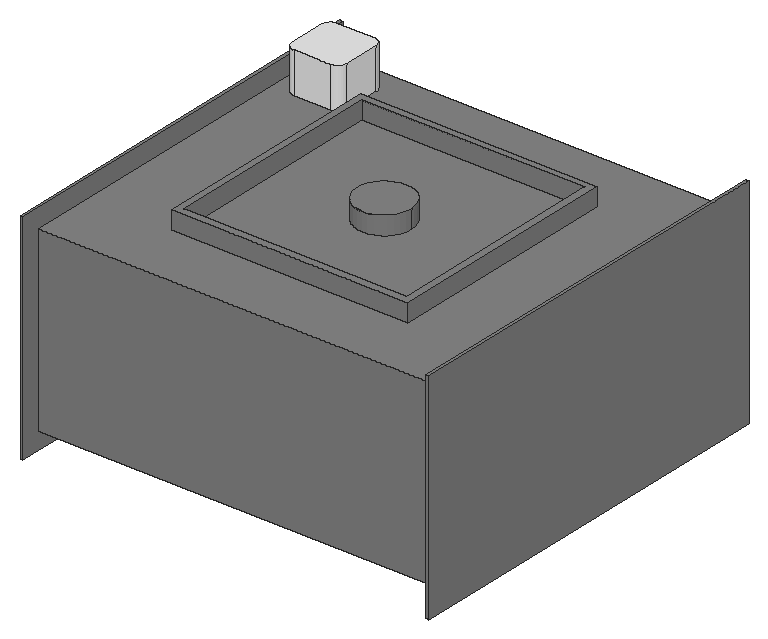
Revit family "НЕВАТОМ_Вентилятор VKPN, версия 1", category Оборудование, Revit 2017
Family settings
  Размер круглого соединителя = Использовать диаметр
  Тип детали = Вставляется
  На основе рабочей плоскости = Нет
  Всегда вертикально = Да
  При загрузке вырезать с полостями = Нет
  Общий = Нет
  Точка расчета площади = Нет
Parameters (values of type "VKPN 400-200/22-2E")
  Полное давление = 480.0 Pa
  Материал = Сталь серая
  Крышка = СВМПЭ, белый
  Ключевая пометка = "Вентиляция"
  Задание электрикам [instance] = no
  Nevatom_URL = "https://t.me/NEVATOM_Bim_bot"
  L = 450 mm
  H = 265 mm
  F = 240 mm
  E = 440 mm
  B = 200 mm
  ADSK_Частота вращения вентилятора = 2600
  ADSK_Ток = 0.7 A
  ADSK_Расход воздуха = 1100.0 m³/h
  ADSK_Размер_Ширина = L  # 450 mm
  ADSK_Размер_Длина = E  # 440 mm
  ADSK_Размер_Высота = H  # 265 mm
  ADSK_Примечание = ""
  ADSK_Полная мощность = 0.15 kW
  ADSK_Позиция = ""
  ADSK_Напряжение = 230 V
  ADSK_Наименование = "Вентилятор канальный прямоугольный с назад загнутыми лопатками"  # constant formula
  ADSK_Материал наименование = "Оцинкованная сталь"  # constant formula
  ADSK_Масса_Текст = "9.3 кг"
  ADSK_Масса = 9.3
  ADSK_Марка = "VKPN 400-200/22-2E"
  ADSK_Количество = 1  # constant formula
  ADSK_Код изделия = ""
  ADSK_Завод-изготовитель = "НЕВАТОМ"  # constant formula
  ADSK_Единица измерения = "шт."  # constant formula
  A = 400 mm
  2 = 0.15 * A  # 60 mm
  1 = 0.65 * A  # 260 mm
Types (11, lengths in mm): name | Полное давление | L | H | F | E | B | ADSK_Частота вращения вентилятора | ADSK_Ток | ADSK_Расход воздуха | ADSK_Размер_Ширина | ADSK_Размер_Длина | ADSK_Размер_Высота | ADSK_Полная мощность | ADSK_Напряжение | ADSK_Масса_Текст | ADSK_Масса | ADSK_Марка | A | 2 | 1
  VKPN 400-200/22-2E | 480.0 Pa | 450 | 265 | 240 | 440 | 200 | 2600 | 0.7 A | 1100.0 m³/h | 450 | 440 | 265 | 0.15 kW | 230 V | "9.3 кг" | 9.3 | "VKPN 400-200/22-2E" | 400 | 60 | 260
  VKPN 800-500/50-4D | 510.0 Pa | 815 | 575 | 560 | 860 | 500 | 1330 | 2.9 A | 7400.0 m³/h | 815 | 860 | 575 | 1.56 kW | 380 V | "60.3 кг" | 60.3 | "VKPN 800-500/50-4D" | 800 | 120 | 520
  VKPN 500-250/25-2E | 650.0 Pa | 490 | 315 | 290 | 540 | 250 | 2600 | 0.9 A | 1400.0 m³/h | 490 | 540 | 315 | 0.2 kW | 230 V | "14.3 кг" | 14.3 | "VKPN 500-250/25-2E" | 500 | 75 | 325
  VKPN 500-300/28-2E | 600.0 Pa | 500 | 365 | 340 | 540 | 300 | 2500 | 1.1 A | 1800.0 m³/h | 500 | 540 | 365 | 0.25 kW | 230 V | "15.6 кг" | 15.6 | "VKPN 500-300/28-2E" | 500 | 75 | 325
  VKPN 600-300/35-4E | 260.0 Pa | 640 | 365 | 340 | 640 | 300 | 1360 | 1 A | 2200.0 m³/h | 640 | 640 | 365 | 0.22 kW | 230 V | "21.7 кг" | 21.7 | "VKPN 600-300/35-4E" | 600 | 90 | 390
  VKPN 600-300/35-4D | 300.0 Pa | 640 | 415 | 340 | 640 | 300 | 2200 | 0.47 A | 2500.0 m³/h | 640 | 640 | 415 | 0.22 kW | 380 V | "21.4 кг" | 21.4 | "VKPN 600-300/35-4D" | 600 | 90 | 390
  VKPN 600-350/40-4E | 400.0 Pa | 705 | 415 | 390 | 640 | 350 | 1350 | 2.46 A | 4000.0 m³/h | 705 | 640 | 415 | 0.56 kW | 230 V | "28.2 кг" | 28.2 | "VKPN 600-350/40-4E" | 600 | 90 | 390
  VKPN 600-350/40-4D | 400.0 Pa | 705 | 475 | 390 | 640 | 350 | 1350 | 1 A | 4000.0 m³/h | 705 | 640 | 475 | 0.54 kW | 380 V | "24.8 кг" | 24.8 | "VKPN 600-350/40-4D" | 600 | 90 | 390
  VKPN 700-400/45-4E | 450.0 Pa | 787 | 475 | 440 | 740 | 400 | 1340 | 4.1 A | 5600.0 m³/h | 787 | 740 | 475 | 0.84 kW | 230 V | "42.8 кг" | 42.8 | "VKPN 700-400/45-4E" | 700 | 105 | 455
  VKPN 700-400/45-4D | 450.0 Pa | 787 | 475 | 440 | 740 | 400 | 1280 | 1.26 A | 5700.0 m³/h | 787 | 740 | 475 | 0.69 kW | 380 V | "44.6 кг" | 44.6 | "VKPN 700-400/45-4D" | 700 | 105 | 455
  VKPN 900-500/56-4D | 680.0 Pa | 915 | 575 | 560 | 960 | 500 | 1325 | 3.7 A | 10000.0 m³/h | 915 | 960 | 575 | 2.3 kW | 380 V | "77.4 кг" | 77.4 | "VKPN 900-500/56-4D" | 900 | 135 | 585
Reference planes
  plane 1 "По центру (Вперед/Назад)": y = 0
  plane 2: z = 0
  plane 3 "По центру (Влево/Вправо)": x = 0
  plane 4: y = 200
  plane 5: y = -220
  plane 6: y = 220
  plane 7: y = -200
  plane 8: z = 120
  plane 9: z = 100
  plane 10: z = -120
  plane 11: z = -100
  plane 12: x = -225
  plane 13: x = 225
  plane 14: x = -205
  plane 15: x = -222
  plane 16: x = 222
  plane 17: x = -130
  plane 18: x = 130
  plane 19: y = 130
  plane 20: y = -130
  plane 21: x = -123
  plane 22: x = 123
  plane 23: y = 123
  plane 24: y = -123
  plane 25: z = 145
  plane 26: y = 180
  plane 27: y = 120
  plane 28: x = -145
Forms (mm)
  Extrusion 1, void, not visible
    sketch origin (-345, -245, 50) x (0, -1, 0) y (0, 0, -1)
      loop
        line (-477.965, -475) -> (-477.965, -450) -> (-528.913, -450) -> (-528.913, -475) -> (-477.965, -475)
    from -47.452 to 12
  Extrusion 2, solid, material "Сталь серая" <- "Материал"
    sketch origin (0, 0, 0) x (0, 1, 0) y (0, 0, 1)
      loop
        line (220, 120) -> (-220, 120) -> (-220, -120) -> (220, -120) -> (220, 120)
    from 222 to 225
  Extrusion 3, solid, material "Сталь серая" <- "Материал"
    sketch origin (0, 0, 0) x (0, 1, 0) y (0, 0, -1)
      loop
        line (200, -100) -> (200, 100) -> (-200, 100) -> (-200, -100) -> (200, -100)
    from -225 to 225
  Extrusion 4, solid, material "Сталь серая" <- "Материал"
    sketch origin (0, 0, 0) x (0, 1, 0) y (0, 0, -1)
      loop
        line (220, -120) -> (220, 120) -> (-220, 120) -> (-220, -120) -> (220, -120)
    from 222 to 225
  Extrusion 5, solid, material "Сталь серая" <- "Материал"
    sketch origin (0, 0, 0) x (1, 0, 0) y (0, 1, 0)
      loop
        line (-123, 123) -> (-123, -123) -> (123, -123) -> (123, 123) -> (-123, 123)
      loop
        line (130, -130) -> (130, 130) -> (-130, 130) -> (-130, -130) -> (130, -130)
    from 100 to 120
  Extrusion 6, solid, material "Сталь серая" <- "Материал"
    sketch origin (0, 0, 0) x (1, 0, 0) y (0, 1, 0)
      loop
        circle (0, 0) r 30
    from 100 to 120
  Extrusion 7, solid, material "СВМПЭ, белый" <- "Крышка"
    sketch origin (0, 0, 0) x (1, 0, 0) y (0, 1, 0)
      loop
        arc (-195, 180) -> (-202.071, 177.071) -> (-205, 170) r 10
        line (-205, 170) -> (-205, 130)
        arc (-205, 130) -> (-202.071, 122.929) -> (-195, 120) r 10
        line (-195, 120) -> (-155, 120)
        arc (-155, 120) -> (-147.929, 122.929) -> (-145, 130) r 10
        line (-145, 130) -> (-145, 170)
        arc (-145, 170) -> (-147.929, 177.071) -> (-155, 180) r 10
        line (-155, 180) -> (-195, 180)
    from 100 to 145
Cuts and joins
  joined: Extrusion 2, Extrusion 3, Extrusion 4
Lines and regions (mm)
  model lines, not visible, detail levels coarse
    curve 1: circle (0, 0, 0) r 135 normal (0, 0, 1)
    curve 2: line (-135, 0, 0) -> (43.681, 127.738, 0)
    curve 3: line (-135, 0, 0) -> (43.681, -127.738, 0)
    curve 4: line (43.681, 127.738, 0) -> (43.681, -127.738, 0)
  model lines, not visible, detail levels medium
    curve 5: circle (0, 0, 0) r 90 normal (0, -1, 0)
    curve 6: line (-90, 0, 0) -> (39.046, 0, 81.089)
    curve 7: line (-90, 0, 0) -> (39.046, 0, -81.089)
    curve 8: line (39.046, 0, 81.089) -> (39.046, 0, -81.089)
Dimensions and locks
  equal spacing: plane 4, plane 1 "По центру (Вперед/Назад)", plane 7
  "A": plane 4 to plane 7
  equal spacing: plane 6, plane 1 "По центру (Вперед/Назад)", plane 5
  "E": plane 6 to plane 5
  equal spacing: plane 11, level, plane 9
  equal spacing: plane 10, level, plane 8
  "B": plane 11 to plane 9
  "F": plane 10 to plane 8
  equal spacing: plane 12, plane 3 "По центру (Влево/Вправо)", plane 13
  "L": plane 12 to plane 13
  locked: plane 12 to plane 14 at 20
  locked: plane 12 to plane 15 at 3
  locked: plane 16 to plane 13 at 3
  equal spacing: plane 19, plane 1 "По центру (Вперед/Назад)", plane 20
  "1": plane 19 to plane 20
  equal spacing: plane 17, plane 3 "По центру (Влево/Вправо)", plane 18
  "1": plane 17 to plane 18
  locked: plane 24 to plane 20 at 7
  locked: plane 19 to plane 23 at 7
  locked: plane 17 to plane 21 at 7
  locked: plane 22 to plane 18 at 7
  "H": plane 25 to plane 10
  locked: plane 26 to plane 4 at 20
  locked: plane 26 to plane 27 at 60
  locked: plane 14 to plane 28 at 60
  "2": diameter of Extrusion 6 sketch curve
  aligned and locked: level to plane 2
  aligned and locked: plane 8 to Extrusion 2 sketch curve
  aligned and locked: plane 6 to Extrusion 2 sketch curve
  aligned and locked: plane 10 to Extrusion 2 sketch curve
  aligned and locked: Extrusion 2 sketch curve to plane 5
  aligned and locked: Extrusion 2 to plane 13
  aligned and locked: Extrusion 3 to Extrusion 4
  aligned and locked: Extrusion 4 to plane 12
  aligned and locked: Extrusion 3 to plane 12
  aligned and locked: Extrusion 2 to plane 16
  aligned and locked: Extrusion 4 to plane 15
  aligned and locked: Extrusion 2 to Extrusion 3
  aligned and locked: Extrusion 5 sketch curve to plane 23
  aligned and locked: plane 21 to Extrusion 5 sketch curve
  aligned and locked: plane 24 to Extrusion 5 sketch curve
  aligned and locked: plane 22 to Extrusion 5 sketch curve
  aligned and locked: plane 20 to Extrusion 5 sketch curve
  aligned and locked: plane 18 to Extrusion 5 sketch curve
  aligned and locked: Extrusion 5 sketch curve to plane 19
  aligned and locked: plane 17 to Extrusion 5 sketch curve
  aligned and locked: plane 8 to Extrusion 5
  aligned and locked: Extrusion 5 to plane 9
  aligned and locked: plane 8 to Extrusion 6
  aligned and locked: Extrusion 6 to plane 9
  aligned and locked: Extrusion 7 sketch curve to plane 26
  aligned and locked: plane 14 to Extrusion 7 sketch curve
  aligned and locked: plane 27 to Extrusion 7 sketch curve
  aligned and locked: Extrusion 7 sketch curve to plane 28
  aligned and locked: plane 25 to Extrusion 7
  aligned and locked: Extrusion 7 to plane 9
Automatic sketch dimensions
  Extrusion 3 sketch curve to plane 7 = 0 mm
  Extrusion 3 sketch curve to plane 4 = 0 mm
  Extrusion 3 sketch curve to plane 9 = 0 mm
  plane 11 to Extrusion 3 sketch curve = 0 mm
  Extrusion 4 sketch curve to plane 5 = 0 mm
  Extrusion 4 sketch curve to plane 6 = 0 mm
  Extrusion 4 sketch curve to plane 8 = 0 mm
  plane 10 to Extrusion 4 sketch curve = 0 mm
  Extrusion 7 sketch curve to Extrusion 7 sketch curve = 10 mm  (x2)
  Extrusion 7 sketch curve to plane 28 = 10 mm  (x2)
  plane 1 "По центру (Вперед/Назад)" to Extrusion 6 sketch curve = 0 mm
  Extrusion 6 sketch curve to plane 3 "По центру (Влево/Вправо)" = 0 mm
Nested families
  nested 1: "крепление 15мм" at (-330, 229.965, 495), type "крепление 15мм", not visible
Connectors
  hvac at (-225, 0, 0), driven by "B", driven by "A"
    settings: on cut or joined group of Extrusion 2, Extrusion 3, Extrusion 4, index 1, duct flow 0.0 m³/h, flow factor 0, pres drop 0.0 Pa, loss coef 0, conn angle 0.00°, conn width 400 mm, conn height 200 mm, conn diameter 609.6 mm, duct sys type 29, conn prof type 1, flow config 0, flow direction 0, loss method 0, conn ref index 2, conn util no, is conn primary yes, conn desc ""
  hvac at (225, 0, 0), driven by "B", driven by "A"
    settings: on cut or joined group of Extrusion 2, Extrusion 3, Extrusion 4, index 2, duct flow 0.0 m³/h, flow factor 0, pres drop 0.0 Pa, loss coef 0, conn angle 0.00°, conn width 400 mm, conn height 200 mm, conn diameter 609.6 mm, duct sys type 29, conn prof type 1, flow config 0, flow direction 0, loss method 0, conn ref index 1, conn util no, is conn primary no, conn desc ""
Definition of nested family "крепление 15мм"
  Parameters (values of type "крепление 15мм")
    Материал крепления = none
  Reference planes
    plane 1 "По центру (Вперед/Назад)": y = 0
    plane 2: z = 0
    plane 3 "По центру (Влево/Вправо)": x = 0
  Forms (mm)
    Extrusion 1, solid, material <- "Материал крепления"
      sketch origin (0, 0, 0) x (1, 0, 0) y (0, 1, 0)
        loop
          line (-25, 0) -> (0, 0) -> (0, 18.31) -> (0, 25) -> (-3, 25) -> (-3, 3) -> (-25, 3) -> (-25, 0)
      from 0 to 30
    Extrusion 2, void
      sketch origin (0, 0, 0) x (1, 0, 0) y (0, 1, 0)
        loop
          line (-3, 3) -> (-3, 54.96) -> (-58, 54.96) -> (-58, 3) -> (-3, 3)
      from 0 to 15
  Cuts and joins
    Extrusion 2 cuts Extrusion 1
  Dimensions and locks
    Extrusion 1 sketch curve to Extrusion 1 sketch curve = 3 mm  (x2)
    Extrusion 1 sketch curve to Extrusion 1 sketch curve to plane 3 "По центру (Влево/Вправо)" = 25 mm, 0 mm
    Extrusion 1 sketch curve to Extrusion 1 sketch curve = 25 mm
    aligned and locked: level to plane 2
